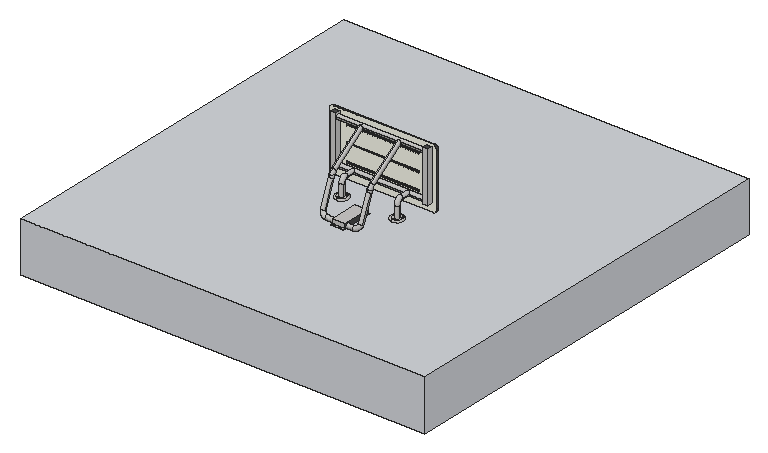
Revit family (continued)
Automatic sketch dimensions
  curve 18 to curve 2 = 0.10682"
  curve 92 to curve 93 = 0"  (x2)
  curve 94 to curve 95 = 0"  (x2)
  curve 112 to curve 113 = 0"  (x2)
  curve 114 to curve 115 = 0"  (x2)
  curve 94 to plane 16 = 0"
  curve 94 to plane 19 = 0"
  curve 93 to plane 19 = 0"
  curve 97 to plane 13 = 0"
  curve 49 to plane 13 = 0"
  curve 96 to plane 13 = 0"
  plane 20 to curve 113 = 0"
  curve 114 to plane 16 = 0"
  plane 20 to curve 114 = 0"
  level to curve 89 = 1/4"
  curve 89 to curve 89 = 1/4"
  curve 89 to curve 90 = 0.37307"
  level to curve 90 = 1/4"
  curve 67 to plane 16 = 0.22959"
  curve 90 to curve 91 = 0.37307"
  curve 91 to curve 91 = 1/4"
  curve 67 to curve 86 = 3.49833"
  curve 73 to curve 82 = 3.49833"
  curve 71 to curve 84 = 3.49833"
  curve 97 to curve 49 = 1.09893"
  curve 82 to curve 83 = 1"
  curve 86 to curve 87 = 1"
  curve 84 to curve 85 = 1"
  curve 49 to curve 59 = 1.06131"
  curve 59 to curve 59 = 0.62058"
  plane 12 to curve 55 = 3/8"
  plane 12 to curve 62 = 0.12961"
  plane 12 to curve 61 = 0.0697"
  plane 12 to curve 63 = 0.01094"
  curve 62 to plane 12 = 0.01094"
  curve 61 to plane 12 = 0.0697"
  curve 62 to curve 63 = 0.11867"
  curve 54 to plane 11 = 0.12961"
  curve 52 to plane 11 = 0.0697"
  curve 53 to plane 11 = 0.01094"
  plane 11 to curve 54 = 0.01094"
  plane 11 to curve 52 = 0.0697"
  curve 54 to curve 53 = 0.11867"
  plane 11 to curve 55 = 3/8"
  plane 13 to curve 57 = 0.40876"
  curve 50 to curve 57 = 1.78168"
  curve 56 to curve 57 = 0.62058"
  curve 81 to plane 16 = 0.72959"
  curve 81 to plane 7 = 2.56083"
  curve 79 to plane 7 = 2.56083"
  curve 77 to plane 7 = 2.56083"
  curve 57 to curve 49 = 1.06131"
  curve 81 to curve 80 = 1"
  curve 79 to curve 78 = 1"
  curve 77 to curve 76 = 1"
  level to curve 88 = 1/4"
  curve 88 to plane 7 = 1.12307"
  curve 88 to curve 88 = 1/4"
  plane 7 to curve 75 = 1 15/16"
  plane 7 to curve 69 = 1 15/16"
  plane 7 to curve 66 = 1 15/16"
  curve 96 to plane 7 = 1/2"
  curve 88 to curve 48 = 0.37307"
  level to curve 48 = 1/4"
  plane 7 to curve 48 = 1/2"
  plane 7 to curve 96 = 1/2"
  curve 48 to curve 47 = 0.37307"
  curve 47 to curve 47 = 1/4"
  level to curve 63 = 0.22876"
  level to curve 52 = 0.22876"
  curve 63 to curve 61 = 0.10376"
  level to curve 60 = 0.03933"
  level to curve 50 = 0.03933"
  level to curve 91 = 1/4"
  level to curve 47 = 1/4"
  curve 59 to curve 59 = 0.33434"
  curve 58 to curve 55 = 0.08434"
  plane 16 to curve 79 = 3.33291"
  curve 70 to curve 68 = 1/4"
  curve 74 to plane 4 = 3.10459"
  curve 72 to curve 72 = 1/4"
  curve 92 to plane 4 = 2.65655"
  curve 112 to plane 4 = 2.65655"
  curve 2 to curve 20 = 3/8"
  curve 20 to curve 20 = 1/2"
  plane 20 to Extrusion 3 sketch curve = 5/8"
  Extrusion 3 sketch curve to plane 20 = 5/8"
  Revolve 24 sketch curve to plane 20 = 0"  (x3)
  Revolve 25 sketch curve to plane 20 = 0"  (x3)
  Masking region 1 sketch curve to plane 18 = 0"
  plane 20 to Masking region 1 sketch curve = 5/8"
  plane 20 to Masking region 1 sketch curve = 0.23213"
  Masking region 2 sketch curve to plane 18 = 0"
  Masking region 2 sketch curve to plane 20 = 13/16"
  plane 19 to curve 6 = 3.37693"
  curve 4 to curve 25 = 0"
  curve 25 to curve 5 = 1/2"
  curve 8 to curve 5 = 0"
  curve 4 to curve 4 = 1"
  plane 19 to curve 89 = 3.25193"
  curve 97 to curve 90 = 0"
  curve 90 to curve 90 = 1"
  curve 97 to curve 97 = 1"
  plane 12 to curve 74 = 7 3/8"
  curve 71 to curve 72 = 0"
  curve 67 to curve 70 = 0"
  plane 19 to Extrusion 3 sketch curve = 5/8"
  plane 12 to Sweep 11 sketch curve = 2 1/8"
  Revolve 26 sketch curve to plane 19 = 0"
  Revolve 27 sketch curve to plane 19 = 0"
  Masking region 1 sketch curve to plane 17 = 0"
  Masking region 1 sketch curve to Masking region 1 sketch curve = 3.49993"
  Masking region 2 sketch curve to plane 19 = 13/16"
  Masking region 2 sketch curve to Masking region 2 sketch curve = 0.42837"
  plane 17 to Extrusion 2 sketch curve = 0"
  Extrusion 2 sketch curve to plane 4 = 0"
  Extrusion 2 sketch curve to plane 13 = 0"
  Extrusion 2 sketch curve to plane 18 = 0"
  Extrusion 2 sketch curve to plane 19 = 13/16"  (x2)
  plane 5 to Extrusion 2 sketch curve = 1 15/16"  (x3)
  plane 21 to Extrusion 2 sketch curve = 1/4"  (x3)
  Extrusion 2 sketch curve to plane 20 = 13/16"  (x2)
  Extrusion 2 sketch curve to plane 16 = 0.72959"
  Extrusion 2 sketch curve to Extrusion 2 sketch curve = 1/4"  (x3)
  plane 16 to Extrusion 2 sketch curve = 3.33291"
  Extrusion 2 sketch curve to plane 4 = 3.10459"
  radius of Sweep 6 sketch curve = 1/2"
  radius of Extrusion 7 sketch curve = 0.5172"
  radius of Sweep 8 sketch curve = 1/2"
  radius of Sweep 9 sketch curve = 1/2"
  radius of Extrusion 10 sketch curve = 0.5172"
  radius of Sweep 11 sketch curve = 1/2"
  radius of Sweep 13 sketch curve = 1/2"
  radius of curve 6 = 1/8"
  radius of curve 7 = 1/8"
  radius of curve 8 = 0.0697"
  radius of curve 9 = 1/8"
  radius of curve 10 = 0.0697"
  radius of curve 11 = 0.0697"
  radius of curve 12 = 1/8"
  radius of curve 13 = 0.0697"
  radius of curve 14 = 1/8"
  radius of curve 15 = 0.0697"
  radius of curve 28 = 1/8"
  radius of curve 29 = 1/8"
  radius of curve 30 = 0.0697"
  radius of curve 31 = 1/8"
  radius of curve 32 = 0.0697"
  radius of curve 33 = 0.0697"
  radius of curve 43 = 1/8"
  radius of curve 44 = 0.0697"
  radius of curve 45 = 1/8"
  radius of curve 46 = 0.0697"
  radius of curve 92 = 1/4"
  radius of curve 93 = 0.14049"
  radius of curve 94 = 1/4"
  radius of curve 95 = 0.14049"
  radius of curve 112 = 1/4"
  radius of curve 113 = 0.14049"
  radius of curve 114 = 1/4"
  radius of curve 115 = 0.14049"
